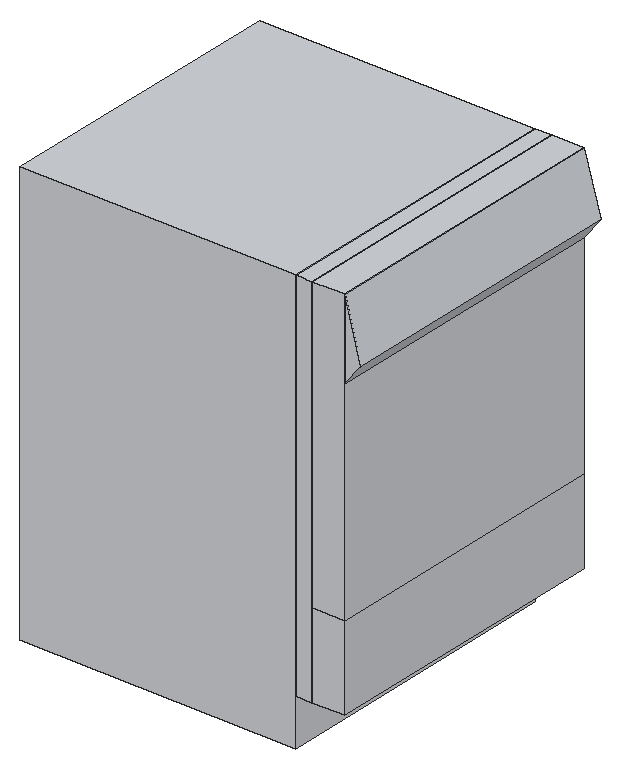
Revit family "ec2b54f4b8e24145be8195bdc22f2ddb", category Plumbing Fixtures, Revit 2021
Family settings
  Round Connector Dimension = Use Radius
  Part Type = Normal
  OmniClass Number = 23.45.30.11.11
  OmniClass Title = Residential Dishwashers
  Seek Item ID = Dishwasher-0000-USA-ENU
  Work Plane-Based = No
  Always vertical = Yes
  Cut with Voids When Loaded = No
  Shared = No
  Room Calculation Point = No
Parameters (values of type "26"x24"")
  Sanitary Radius = 1"
  Sanitary Diameter = Sanitary Radius * 2  # 2"
  WFU = 2
  Voltage = 120 V
  Overall Width = 2' - 0"
  Overall Length = 2' - 2"
  Overall Height = 2' - 10"
  Number of Poles = 1
  Load Classification = Appliance - Dwelling Unit
  Hot Water Radius = 1/4"
  Hot Water Diameter = Hot Water Radius * 2  # 1/2"
  HWFU = 1.4
  HP = "0.5"
  Flow Pressure [instance] = 8.00 psi
  Dishwasher Material = none
  Default Elevation = 0' - 0"
  Cold Water Radius = 1/4"
  Cold Water Diameter = Cold Water Radius * 2  # 1/2"
  CWFU = 0
  Apparent Load = 1092 VA
Reference planes (in)
  plane 1 "Center (Front/Back)": y = 0
  plane 2: z = 0
  plane 3 "Center (Left/Right)": x = 0
  plane 4: y = 12
  plane 5: y = -12
  plane 6: x = 22.09375
  plane 7: z = 34
  plane 8: z = 3.75
  plane 9: x = 23.40625
  plane 10: x = 26
  plane 11: x = 27.3125
  plane 12: z = 29.25
  plane 13: z = 27.53125
  plane 14: z = 12
  plane 15: z = 4
  plane 16: y = -7.875
  plane 17: y = 0
  plane 18: y = -4.125
  plane 19: y = 3.875
  plane 20: z = 10.53125
Forms (in)
  Extrusion 1, solid, material <- "Dishwasher Material"
    sketch origin (0, 0, 0) x (1, 0, 0) y (0, 1, 0)
      loop
        line (0, 12) -> (0, -12) -> (22.09375, -12) -> (22.09375, 12) -> (0, 12)
    from 0 to 34
  Extrusion 2, solid, material <- "Dishwasher Material"
    sketch origin (0, 0, 0) x (1, 0, 0) y (0, 0, 1)
      loop
        line (22.09375, 34) -> (22.09375, 3.75) -> (23.40625, 3.75) -> (23.40625, 34) -> (22.09375, 34)
    from -12 to 12
  Extrusion 3, solid, material <- "Dishwasher Material"
    sketch origin (0, 0, 0) x (1, 0, 0) y (0, 0, 1)
      loop
        line (23.40625, 34) -> (23.40625, 10.53125) -> (26, 10.53125) -> (26, 34) -> (23.40625, 34)
    from -12 to 12
  Extrusion 4, solid, material <- "Dishwasher Material"
    sketch origin (0.25, 0, 0) x (1, 0, 0) y (0, 0, 1)
      loop
        line (25.75, 34) -> (25.75, 27.53125) -> (27.0625, 29.25) -> (25.75, 34)
    from -12 to 12
  Extrusion 5, solid, material <- "Dishwasher Material"
    sketch origin (0, 0, 0) x (0, 1, 0) y (0, 0, 1)
      loop
        circle (-7.875, 4) r 2
      loop
        circle (0, 4) r 2
      loop
        circle (-4.125, 12) r 2
      loop
        circle (3.875, 12) r 2
    from 0 to 3.21385
  Extrusion 6, solid, material <- "Dishwasher Material"
    sketch origin (0, 0, 0) x (1, 0, 0) y (0, 0, 1)
      loop
        line (23.40625, 10.53125) -> (23.40625, 3.75) -> (26, 3.75) -> (26, 10.53125) -> (23.40625, 10.53125)
    from -12 to 12
Cuts and joins
  joined: Extrusion 1, Extrusion 5
Dimensions and locks (in)
  equal spacing: plane 4, plane 1 "Center (Front/Back)", plane 5
  "Overall Width": plane 4 to plane 5
  "Overall Height": plane 7 to plane 2
  locked: plane 9 to plane 6 at 1.3125
  "Overall Length": plane 10 to plane 3 "Center (Left/Right)"
  locked: plane 11 to plane 10 at 1.3125
  locked: plane 7 to plane 12 at 4.75
  locked: plane 7 to plane 13 at 6.46875
  locked: plane 14 to plane 2 at 12
  locked: plane 15 to plane 2 at 4
  locked: plane 16 to plane 5 at 4.125
  locked: plane 17 to plane 16 at 7.875
  locked: plane 18 to plane 5 at 7.875
  locked: plane 19 to plane 18 at 8
  "Overall Length": plane 3 "Center (Left/Right)" to plane 10
  locked: plane 6 to plane 10 at 3.90625
  locked: plane 8 to plane 2 at 3.75
  locked: plane 20 to plane 8 at 6.78125
  aligned and locked: plane 7 to Extrusion 1
  aligned and locked: Extrusion 1 to plane 2
  aligned and locked: Extrusion 1 to plane 3 "Center (Left/Right)"  (x2)
  aligned and locked: plane 6 to Extrusion 1  (x2)
  aligned and locked: plane 4 to Extrusion 1
  aligned and locked: Extrusion 1 to plane 5
  aligned and locked: plane 7 to Extrusion 2
  aligned and locked: Extrusion 2 to plane 8  (x2)
  aligned and locked: Extrusion 2 to plane 6  (x2)
  aligned and locked: plane 9 to Extrusion 2  (x2)
  aligned and locked: plane 4 to Extrusion 2
  aligned and locked: Extrusion 2 to plane 5
  aligned and locked: plane 7 to Extrusion 3
  aligned and locked: Extrusion 3 to plane 9  (x2)
  aligned and locked: plane 4 to Extrusion 3
  aligned and locked: Extrusion 3 to plane 5
  aligned and locked: plane 10 to Extrusion 3
  aligned and locked: Extrusion 4 to plane 10  (x2)
  aligned and locked: plane 11 to Extrusion 4
  aligned and locked: plane 4 to Extrusion 4
  aligned and locked: Extrusion 4 to plane 5
  aligned and locked: plane 14 to Extrusion 5 sketch curve  (x2)
  aligned and locked: plane 18 to Extrusion 5 sketch curve
  aligned and locked: plane 19 to Extrusion 5 sketch curve
  aligned and locked: plane 15 to Extrusion 5 sketch curve  (x2)
  aligned and locked: plane 17 to Extrusion 5 sketch curve
  aligned and locked: plane 16 to Extrusion 5 sketch curve
  aligned and locked: Extrusion 3 to plane 20
  aligned and locked: plane 20 to Extrusion 6
  aligned and locked: Extrusion 6 to plane 8
  aligned and locked: plane 4 to Extrusion 6
  aligned and locked: Extrusion 6 to plane 5
Automatic sketch dimensions
  Extrusion 1 sketch curve to plane 3 "Center (Left/Right)" = 0' - 0"
  Extrusion 1 sketch curve to plane 5 = 0' - 0"
  Extrusion 1 sketch curve to plane 6 = 0' - 0"
  Extrusion 1 sketch curve to plane 4 = 0' - 0"
  Extrusion 2 sketch curve to plane 6 = 0' - 0"
  Extrusion 2 sketch curve to plane 8 = 0' - 0"
  Extrusion 2 sketch curve to plane 9 = 0' - 0"
  Extrusion 2 sketch curve to plane 7 = 0' - 0"
  plane 8 to Extrusion 3 sketch curve = 0' - 6 25/32"
  Extrusion 3 sketch curve to plane 9 = 0' - 0"
  Extrusion 3 sketch curve to plane 7 = 0' - 0"
  plane 10 to Extrusion 3 sketch curve = 0' - 0"
  plane 7 to Extrusion 4 sketch curve = 0' - 0"
  Extrusion 4 sketch curve to plane 10 = 0' - 0"
  Extrusion 4 sketch curve to plane 11 = 0' - 0"
  Extrusion 4 sketch curve to plane 13 = 0' - 0"
  Extrusion 4 sketch curve to plane 12 = 0' - 0"
  Extrusion 6 sketch curve to plane 8 = 0' - 0"
  Extrusion 6 sketch curve to plane 9 = 0' - 0"
  Extrusion 6 sketch curve to plane 10 = 0' - 0"
  Extrusion 6 sketch curve to plane 20 = 0' - 0"
  radius of Extrusion 5 sketch curve = 0' - 2"  (x4)
Connectors (in)
  piping at (0, 3.875, 12), diameter 0.5, driven by "CWFU", driven by "Cold Water Radius", driven by "Flow Pressure"
    settings: on Extrusion 5, index 1, connector inside diameter 1/2", connector length 0' - 0", flow factor 0, pipe flow 0 GPM, pressure drop 8.00 psi, fitting loss kfactor 0, connector angle 0.00°, fixture units 0, engagement length 0' - 0", angle of deflection 0.00°, flow configuration 3, flow direction 1, fitting loss method 4, system type 20, joint type 0, gender type 0, connector reference index -1, connector utility 0, adjustable connector no, is connector primary yes, connector description "In"
  piping at (0, -4.125, 12), diameter 0.5, driven by "Hot Water Radius", driven by "Flow Pressure", driven by "HWFU"
    settings: on Extrusion 5, index 2, connector inside diameter 1/2", connector length 0' - 0", flow factor 0, pipe flow 0 GPM, pressure drop 8.00 psi, fitting loss kfactor 0, connector angle 0.00°, fixture units 1.4, engagement length 0' - 0", angle of deflection 0.00°, flow configuration 3, flow direction 1, fitting loss method 4, system type 19, joint type 0, gender type 0, connector reference index -1, connector utility 0, adjustable connector no, is connector primary no, connector description "In"
  piping at (0, 0, 4), diameter 2, driven by "WFU", driven by "Sanitary Radius"
    settings: on Extrusion 5, index 3, connector inside diameter 2", connector length 0' - 0", flow factor 0, pipe flow 0 GPM, pressure drop 0.00 psi, fitting loss kfactor 0, connector angle 0.00°, fixture units 2, engagement length 0' - 0", angle of deflection 0.00°, flow configuration 3, flow direction 2, fitting loss method 0, system type 16, joint type 0, gender type 0, connector reference index -1, connector utility 0, adjustable connector yes, is connector primary no, connector description "Out"
  electrical at (0, -7.875, 4), driven by "Voltage", driven by "Number of Poles", driven by "Apparent Load", driven by "Load Classification"
    settings: on Extrusion 5, index 4, voltage 120 V, apparent load 1092 VA, apparent load phase1 0 VA, apparent load phase2 0 VA, apparent load phase3 0 VA, power factor 0.8, load classification "Appliance - Dwelling Unit", number of poles 1, system type 30, power factor state 1, is connector primary yes, connector utility no, sub classification motor no, connector description ""
